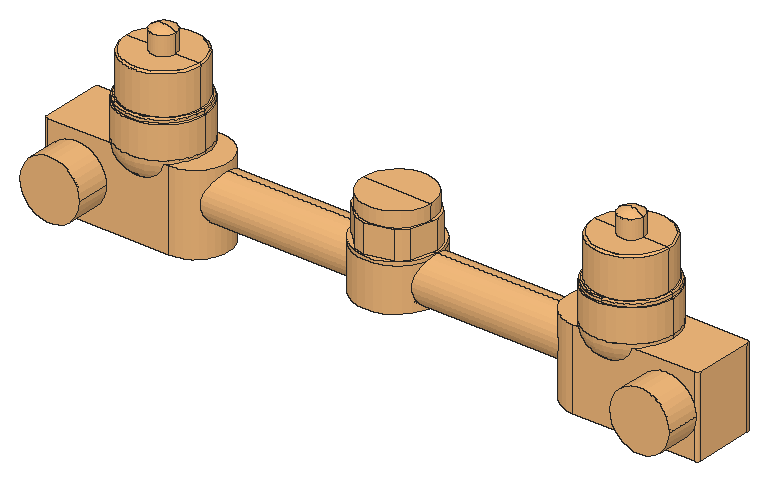
Revit family "Faucet-Valves_and_Controls-KOHLER-K-28139T_1", category Plumbing Fixtures, host Face, Revit 2017
Family settings
  Host = Face
  Round Connector Dimension = Use Diameter
  Part Type = Normal
  OmniClass Number = 23.27.31.00
  OmniClass Title = Valves
  Cut with Voids When Loaded = No
  Shared = No
  Room Calculation Point = No
Parameters (values of type "NA-Brass")
  Width = 11"  # constant formula
  WaterSense Certified = 1 = 0  # no
  Waste Water Outlet = "Waste Water Outlet"  # constant formula
  Waste Connection = 1 = 0  # no
  Vent Connection = 1 = 0  # no
  URL = "http://www.kohler.com.cn/en/"
  Type = 1
  Product Page URL = "http://www.kohler.com.cn/product/K-28139T-NA/K-28139T-NA/"
  Product Name = ""
  Product Documentation Link = "http://files.kohler.com.cn/pdfs/1535615820633_1299768-2_A1(28139T%2024896T).pdf"
  Pressure = 116.03 psi  # constant formula
  Model = if(Type = 1, "K-28139T-NA", "K-28139T-DR-NA")  # "K-28139T-NA"
  Material = "Brass Construction"  # constant formula
  MasterFormat 2004 = "22.41.39"  # constant formula
  MasterFormat 1995 = "154300"  # constant formula
  Manufacturer Address = "158 Jiangchang 3rd Road Zhabei District Shanghai, 200436 China"  # constant formula
  Manufacturer = "KOHLER Co."  # constant formula
  Length = 3 1/16"  # constant formula
  Hot Water Inlet = "Hot Water Inlet"  # constant formula
  Height = 2 1/16"  # constant formula
  HW Connection = 1 = 1  # yes
  Flow Rate = 0 GPM
  Finish = Kohler-Metal-Brass
  Environmental Product Declaration = ""
  Drain Included = 1 = 0  # no
  Description = if(Type = 1, "Double-handle wall lavatory faucet spool stem handle spool", "W/M DUAL HANDLE LAV FCT VALVE")  # "Double-handle wall lavatory faucet spool stem handle spool"
  Default Elevation = 36"
  Declare Label = ""
  Date Modified = "05/26/2020"  # constant formula
  Date Created = "05/26/2020"  # constant formula
  Copyright = "Copyright KOHLER Co."  # constant formula
  Contact Us = "http://www.kohler.com.cn/en/contact/contact-us/"
  Cold Water Inlet = "Cold Water Inlet"  # constant formula
  CW Connection = 1 = 1  # yes
  Assembly Code = "D2020"
  ADA Compliant = 1 = 0  # no
Types (3): name | Type | Product Page URL | Product Documentation Link | Model | Description
  (no name) | 1 | "http://www.kohler.com.cn/product/K-28139T-NA/K-28139T-NA/" | "http://files.kohler.com.cn/pdfs/1535615820633_1299768-2_A1(28139T%2024896T).pdf" | "K-28139T-NA" | "Double-handle wall lavatory faucet spool stem handle spool"
  NA-Brass | 1 | "http://www.kohler.com.cn/product/K-28139T-NA/K-28139T-NA/" | "http://files.kohler.com.cn/pdfs/1535615820633_1299768-2_A1(28139T%2024896T).pdf" | "K-28139T-NA" | "Double-handle wall lavatory faucet spool stem handle spool"
  DR, NA-Brass | 2 | "" | "" | "K-28139T-DR-NA" | "W/M DUAL HANDLE LAV FCT VALVE"
Reference planes (in)
  plane 1 "Center (Front/Back)": y = 0
  plane 2: z = 0
  plane 3 "Center (Left/Right)": x = 0
  plane 4: y = 0.98425
  plane 5: y = -1.07825
  plane 6: z = 0.37276
  plane 7: z = -2.68974
  plane 8: x = -5.5
  plane 9: x = 5.5
  plane 10: x = 3.93701
  plane 11: x = -3.93701
  plane 12: z = -0.01258
  plane 13: z = -2.01594
  plane 14: y = -1.07825
  plane 15: x = -4.96063
  plane 16: x = 4.96063
Forms (in)
  Extrusion 1, void
    sketch origin (0, 0, 0) x (1, 0, 0) y (0, 1, 0)
      loop
        circle (3.93701, 0) r 0.75
      loop
        circle (-3.93701, 0) r 0.75
    from -1.35116 to -0.01258
  Extrusion 2, void
    sketch origin (0, 0, 0) x (1, 0, 0) y (0, 0, 1)
      loop
        line (5.5, -1.09549) -> (-5.5, -1.09549) -> (-5.5, -2.68974) -> (5.5, -2.68974) -> (5.5, -1.09549)
    from -0.95798 to 1.2582
  Extrusion 3, void
    sketch origin (0, 0, 0) x (1, 0, 0) y (0, 1, 0)
      loop
        circle (0, 0) r 0.57105
    from -1.35116 to -0.76061
Dimensions and locks (in)
  "Width": plane 8 to plane 9
  plane 11 to plane 10 = 7.87402"
  "Length": plane 6 to plane 7
  "Height": plane 4 to plane 14
  aligned and locked: plane 2 to host face
  aligned and locked: level to host face
Automatic sketch dimensions
  host sketch curve to host sketch curve = 96"  (x2)
  plane 8 to Extrusion 2 sketch curve = 0"
  Extrusion 2 sketch curve to plane 7 = 0"
  Extrusion 2 sketch curve to plane 9 = 0"
  plane 13 to Extrusion 2 sketch curve = 0.92044"
Nested families (in)
  nested 1: "K-28139T" at (0, 0, 0), type "K-28139T"
Connectors (in)
  piping at (-4.96063, -1.10236, -2.01594), diameter 0.5, driven by "HW Connection", driven by "Hot Water Inlet", driven by "Pressure", driven by "Flow Rate"
    settings: on nested 1, index 1, connector inside diameter 24", connector length 0", flow factor 0, pipe flow 0 GPM, pressure drop 116.03 psi, fitting loss kfactor 0, connector angle 0.00°, fixture units 0, engagement length 0", angle of deflection 0.00°, flow configuration 0, flow direction 1, fitting loss method 4, system type 19, joint type 0, gender type 0, connector reference index -1, connector utility 1, adjustable connector no, is connector primary yes, connector description "Hot Water Inlet"
  piping at (4.96063, -1.10236, -2.01594), diameter 0.5, driven by "CW Connection", driven by "Cold Water Inlet", driven by "Pressure"
    settings: on nested 1, index 2, connector inside diameter 24", connector length 0", flow factor 0, pipe flow 0 GPM, pressure drop 116.03 psi, fitting loss kfactor 0, connector angle 0.00°, fixture units 0, engagement length 0", angle of deflection 0.00°, flow configuration 0, flow direction 1, fitting loss method 4, system type 20, joint type 0, gender type 0, connector reference index -1, connector utility 1, adjustable connector no, is connector primary no, connector description "Cold Water Inlet"
Definition of nested family "K-28139T"
  Parameters (values of type "K-28139T")
    Material = none
  Reference planes (in)
    plane 1 "Center (Front/Back)": y = 0
    plane 2: z = 0
    plane 3 "Center (Left/Right)": x = 0
    plane 4: x = -5.5
    plane 5: x = 5.5
    plane 6: x = -3.93701
    plane 7: x = 3.93701
    plane 8: z = -2.68974
    plane 9: z = 0.37276
    plane 10: z = -0.01258
    plane 11: z = -0.01258
    plane 12: z = 0.23742
    plane 13: x = -4.96063
    plane 14: x = 4.96063
  Forms (in)
    Extrusion 1, solid, material <- "Material", detail levels medium+fine
      sketch origin (0, 0, 0) x (1, 0, 0) y (0, 1, 0)
        loop
          line (-5.5, 0.48286) -> (-5.5, -0.4936)
          arc (-5.5, -0.4936) -> (-5.48314, -0.53432) -> (-5.44242, -0.55118) r 0.05758
          line (-5.44242, -0.55118) -> (-3.39892, -0.55118)
          arc (-3.39892, -0.55118) -> (-2.84774, 0) -> (-3.39892, 0.55118) r 0.55118
          line (-3.39892, 0.55118) -> (-5.43168, 0.55118)
          arc (-5.43168, 0.55118) -> (-5.47999, 0.53117) -> (-5.5, 0.48286) r 0.06832
        loop
          arc (5.5, 0.48286) -> (5.47999, 0.53117) -> (5.43168, 0.55118) r 0.06832
          line (5.43168, 0.55118) -> (3.39892, 0.55118)
          arc (3.39892, 0.55118) -> (2.84774, 0) -> (3.39892, -0.55118) r 0.55118
          line (3.39892, -0.55118) -> (5.44242, -0.55118)
          arc (5.44242, -0.55118) -> (5.48314, -0.53432) -> (5.5, -0.4936) r 0.05758
          line (5.5, -0.4936) -> (5.5, 0.48286)
      from -2.68974 to -1.35116
    Revolve 2, solid, material <- "Material", detail levels medium+fine
      sketch origin (0, 0, 0) x (1, 0, 0) y (0, 0, 1)
        loop
          arc (-3.93701, 0.37276) -> (-4.04692, 0.35211) -> (-4.14184, 0.29297) r 0.30282
          line (-4.14184, 0.29297) -> (-4.14184, -0.01258) -> (-4.54331, -0.01258) -> (-4.57247, -0.04174) -> (-4.57247, -0.68187) -> (-4.60717, -0.68187)
          arc (-4.60717, -0.68187) -> (-4.62182, -0.68794) -> (-4.62789, -0.70259) r 0.02072
          line (-4.62789, -0.70259) -> (-4.62789, -0.74787) -> (-4.59288, -0.76061) -> (-4.64567, -0.76061) -> (-4.64567, -1.3035)
          arc (-4.64567, -1.3035) -> (-4.60761, -1.49484) -> (-4.49922, -1.65706) r 0.5
          line (-4.49922, -1.65706) -> (-4.31833, -1.83795) -> (-3.93701, -1.83795) -> (-3.93701, 0.37276)
        axis (-3.93701, 0.37276) -> (-3.93701, -1.83795)
      angle from 0 to 360
    Revolve 3, solid, material <- "Material", detail levels medium+fine
      sketch origin (0, 0, 0) x (1, 0, 0) y (0, 0, 1)
        loop
          line (3.38583, -1.86297) -> (3.38583, -1.46818) -> (-3.38583, -1.46818) -> (-3.38583, -1.86297) -> (3.38583, -1.86297)
        axis (-3.38583, -1.86297) -> (3.38583, -1.86297)
      angle from 0 to 360
    Extrusion 4, solid, material <- "Material", detail levels medium+fine
      sketch origin (0, 0, 0) x (1, 0, 0) y (0, 0, 1)
        loop
          circle (4.96063, -2.01594) r 0.5
        loop
          circle (-4.96063, -2.01594) r 0.5
      from 0 to 1.10236
    Extrusion 5, solid, material <- "Material", detail levels medium+fine
      sketch origin (0, 0, 0) x (1, 0, 0) y (0, 1, 0)
        loop
          line (-3.82061, 0.98425) -> (-4.04033, 0.98425)
          arc (-4.04033, 0.98425) -> (-4.10647, 0.95686) -> (-4.13386, 0.89073) r 0.09352
          line (-4.13386, 0.89073) -> (-4.13386, 0.40196) -> (-3.74016, 0.40196) -> (-3.74016, 0.9038)
          arc (-3.74016, 0.9038) -> (-3.76372, 0.96069) -> (-3.82061, 0.98425) r 0.08045
      from -2.68974 to -2.45352
    Extrusion 6, solid, material <- "Material", detail levels medium+fine
      sketch origin (0, 0, 0) x (-1, 0, 0) y (0, -1, 0)
        loop
          arc (-3.82061, -0.98425) -> (-3.76372, -0.96069) -> (-3.74016, -0.9038) r 0.08045
          line (-3.74016, -0.9038) -> (-3.74016, -0.40196) -> (-4.13386, -0.40196) -> (-4.13386, -0.89073)
          arc (-4.13386, -0.89073) -> (-4.10647, -0.95686) -> (-4.04033, -0.98425) r 0.09352
          line (-4.04033, -0.98425) -> (-3.82061, -0.98425)
      from -2.68974 to -2.45352
    Revolve 7, solid, material <- "Material", detail levels medium+fine
      sketch origin (0, 0, 0) x (1, 0, 0) y (0, 0, 1)
        loop
          line (0, -0.76061) -> (-0.57105, -0.76061) -> (-0.57105, -1.00566) -> (-0.6717, -1.00566) -> (-0.6717, -1.52342) -> (-0.6717, -2.25667) -> (0, -2.25667) -> (0, -0.76061)
        axis (0, -0.76061) -> (0, -2.25667)
      angle from 0 to 360
    Extrusion 8, void
      sketch origin (0, 0, 0) x (1, 0, 0) y (0, 1, 0)
        loop
          arc (-0.36458, 0.51369) -> (-0.44569, 0.44569) -> (-0.51369, 0.36458) r 0.60478
          line (-0.51369, 0.36458) -> (-0.62716, -0.05889)
          arc (-0.62716, -0.05889) -> (-0.60807, -0.16293) -> (-0.57258, -0.26258) r 0.65927
          line (-0.57258, -0.26258) -> (-0.26258, -0.57258)
          arc (-0.26258, -0.57258) -> (-0.16294, -0.60812) -> (-0.05889, -0.62716) r 0.65565
          line (-0.05889, -0.62716) -> (0.36458, -0.51369)
          arc (0.36458, -0.51369) -> (0.44555, -0.44555) -> (0.51369, -0.36458) r 0.61729
          line (0.51369, -0.36458) -> (0.62716, 0.05889)
          arc (0.62716, 0.05889) -> (0.60911, 0.16321) -> (0.57258, 0.26258) r 0.58615
          line (0.57258, 0.26258) -> (0.26258, 0.57258)
          arc (0.26258, 0.57258) -> (0.16331, 0.60948) -> (0.05889, 0.62716) r 0.56389
          line (0.05889, 0.62716) -> (-0.36458, 0.51369)
        loop
          circle (0, 0) r 1.06625
      from -0.9688 to -1.46927
    Revolve 9, solid, material <- "Material", detail levels medium+fine
      sketch origin (0, 0, 0) x (-1, 0, 0) y (0, 0, -1)
        loop
          line (-3.93701, -0.37276) -> (-3.93701, 1.83795) -> (-4.31833, 1.83795) -> (-4.49922, 1.65706)
          arc (-4.49922, 1.65706) -> (-4.60761, 1.49484) -> (-4.64567, 1.3035) r 0.5
          line (-4.64567, 1.3035) -> (-4.64567, 0.76061) -> (-4.59288, 0.76061) -> (-4.62789, 0.74787) -> (-4.62789, 0.70259)
          arc (-4.62789, 0.70259) -> (-4.62182, 0.68794) -> (-4.60717, 0.68187) r 0.02072
          line (-4.60717, 0.68187) -> (-4.57247, 0.68187) -> (-4.57247, 0.04174) -> (-4.54331, 0.01258) -> (-4.14184, 0.01258) -> (-4.14184, -0.29297)
          arc (-4.14184, -0.29297) -> (-4.04692, -0.35211) -> (-3.93701, -0.37276) r 0.30282
        axis (-3.93701, -0.37276) -> (-3.93701, 1.83795)
      angle from 0 to 360
    Extrusion 10, solid, material <- "Material", detail levels coarse
      sketch origin (0, 0, 0) x (1, 0, 0) y (0, 1, 0)
        loop
          line (-5.5, 0.55118) -> (-5.5, -0.55118) -> (-2.86918, -0.55118) -> (-2.86918, 0.55118) -> (-5.5, 0.55118)
        loop
          line (5.5, 0.55118) -> (2.86918, 0.55118) -> (2.86918, -0.55118) -> (5.5, -0.55118) -> (5.5, 0.55118)
      from -2.68974 to -1.24327
    Revolve 11, solid, material <- "Material", detail levels coarse
      sketch origin (0, 0, 0) x (1, 0, 0) y (0, 0, 1)
        loop
          line (-3.03804, -1.85829) -> (3.24613, -1.85829) -> (3.24613, -1.35116) -> (-3.03804, -1.35116) -> (-3.03804, -1.85829)
        axis (-3.03804, -1.85829) -> (3.24613, -1.85829)
      angle from 0 to 360
    Revolve 12, solid, material <- "Material", detail levels coarse
      sketch origin (0, 0, 0) x (1, 0, 0) y (0, 0, 1)
        loop
          line (-3.93701, 0.37276) -> (-4.14184, 0.37276) -> (-4.14184, -0.01258) -> (-4.68701, -0.01258) -> (-4.68701, -1.24327) -> (-3.93701, -1.24327) -> (-3.93701, 0.37276)
        axis (-3.93701, -1.24327) -> (-3.93701, 0.37276)
      angle from 0 to 360
    Revolve 13, solid, material <- "Material", detail levels coarse
      sketch origin (0, 0, 0) x (-1, 0, 0) y (0, 0, 1)
        loop
          line (-3.93701, 0.37276) -> (-4.14184, 0.37276) -> (-4.14184, -0.01258) -> (-4.68701, -0.01258) -> (-4.68701, -1.24327) -> (-3.93701, -1.24327) -> (-3.93701, 0.37276)
        axis (-3.93701, -1.24327) -> (-3.93701, 0.37276)
      angle from 0 to 360
    Extrusion 14, solid, material <- "Material", detail levels coarse
      sketch origin (0, 0, 0) x (1, 0, 0) y (0, 1, 0)
        loop
          circle (0, 0) r 0.57105
      from -2.32529 to -0.76061
    Extrusion 15, solid, material <- "Material", detail levels coarse
      sketch origin (0, 0, 0) x (1, 0, 0) y (0, 0, 1)
        loop
          circle (-4.96063, -2.01594) r 0.5
        loop
          circle (4.96063, -2.01594) r 0.5
      from 0 to 1.10236
    Extrusion 16, solid, detail levels medium+fine
      sketch origin (0, 0, 0) x (1, 0, 0) y (0, 0, 1)
        loop
          circle (-2.70729, -1.86297) r 0.09019
      from -0.39689 to -0.52271
  Cuts and joins
    Extrusion 8 cuts Revolve 7
    joined: Extrusion 1, Revolve 2, Revolve 3, Extrusion 4, Extrusion 5, Revolve 9
  Lines and regions (in)
    Masking region 1, detail levels medium+fine
      outline origin (0, 0, 0) x (1, 0, 0) y (0, 0, 1)
        loop
          line (-4.54331, -0.01258) -> (-4.57247, -0.04174) -> (-4.57247, -0.68215) -> (-4.60752, -0.68215)
          arc (-4.60752, -0.68215) -> (-4.62192, -0.68812) -> (-4.62789, -0.70252) r 0.02037
          line (-4.62789, -0.70252) -> (-4.62789, -0.74787) -> (-4.59288, -0.76061) -> (-4.64567, -0.76061) -> (-4.64567, -1.35116) -> (-5.5, -1.35116) -> (-5.5, -2.68974) -> (-2.84774, -2.68974) -> (-2.84774, -2.25776) -> (2.84774, -2.25776) -> (2.84774, -2.68974) -> (5.5, -2.68974) -> (5.5, -1.35116) -> (4.64567, -1.35116) -> (4.64567, -0.76061) -> (4.59288, -0.76061) -> (4.62789, -0.74787) -> (4.62789, -0.70252)
          arc (4.62789, -0.70252) -> (4.62192, -0.68812) -> (4.60752, -0.68215) r 0.02037
          line (4.60752, -0.68215) -> (4.57247, -0.68215) -> (4.57247, -0.04174) -> (4.54331, -0.01258) -> (4.14184, -0.01258) -> (4.14184, 0.29297)
          arc (4.14184, 0.29297) -> (3.93701, 0.37276) -> (3.73217, 0.29297) r 0.30282
          line (3.73217, 0.29297) -> (3.73217, -0.01258) -> (3.33071, -0.01258) -> (3.30155, -0.04174) -> (3.30155, -0.68215) -> (3.2665, -0.68215)
          arc (3.2665, -0.68215) -> (3.25209, -0.68812) -> (3.24613, -0.70252) r 0.02037
          line (3.24613, -0.70252) -> (3.24613, -0.74787) -> (3.28113, -0.76061) -> (3.22835, -0.76061) -> (3.22835, -1.35116) -> (2.84774, -1.35116) -> (2.84774, -1.46818) -> (0.62716, -1.46818) -> (0.62716, -1.00566) -> (0.57105, -1.00566) -> (0.57105, -0.76061) -> (-0.57105, -0.76061) -> (-0.57105, -1.00566) -> (-0.62716, -1.00566) -> (-0.62716, -1.46818) -> (-2.84774, -1.46818) -> (-2.84774, -1.35116) -> (-3.22835, -1.35116) -> (-3.22835, -0.76061) -> (-3.28113, -0.76061) -> (-3.24613, -0.74787) -> (-3.24613, -0.70252)
          arc (-3.24613, -0.70252) -> (-3.25209, -0.68812) -> (-3.2665, -0.68215) r 0.02037
          line (-3.2665, -0.68215) -> (-3.30155, -0.68215) -> (-3.30155, -0.04174) -> (-3.33071, -0.01258) -> (-3.73217, -0.01258) -> (-3.73217, 0.29297)
          arc (-3.73217, 0.29297) -> (-3.93701, 0.37276) -> (-4.14184, 0.29297) r 0.30282
          line (-4.14184, 0.29297) -> (-4.14184, -0.01258) -> (-4.54331, -0.01258)
    Masking region 2
      outline origin (0, 0, 0) x (0, 1, 0) y (0, 0, 1)
        loop
          line (0.20484, -0.01258) -> (0.20484, 0.29297)
          arc (0.20484, 0.29297) -> (0, 0.37276) -> (-0.20484, 0.29297) r 0.30282
          line (-0.20484, 0.29297) -> (-0.20484, -0.01258) -> (-0.6063, -0.01258) -> (-0.63546, -0.04174) -> (-0.63546, -0.68187) -> (-0.66889, -0.68187)
          arc (-0.66889, -0.68187) -> (-0.68444, -0.68831) -> (-0.69088, -0.70386) r 0.02199
          line (-0.69088, -0.70386) -> (-0.69088, -0.74787) -> (-0.65588, -0.76061) -> (-0.70866, -0.76061) -> (-0.70866, -1.35847)
          arc (-0.70866, -1.35847) -> (-0.70253, -1.41518) -> (-0.6844, -1.46927) r 0.26514
          line (-0.6844, -1.46927) -> (-1.10236, -1.46927) -> (-1.10236, -2.5626) -> (-0.55118, -2.5626) -> (-0.55118, -2.68974) -> (0.98425, -2.68974) -> (0.98425, -2.45352) -> (0.55118, -2.45352) -> (0.55118, -2.25667) -> (0.6717, -2.25667) -> (0.6717, -1.4935)
          arc (0.6717, -1.4935) -> (0.69925, -1.42847) -> (0.70866, -1.35847) r 0.26514
          line (0.70866, -1.35847) -> (0.70866, -0.76061) -> (0.65588, -0.76061) -> (0.69088, -0.74787) -> (0.69088, -0.70386)
          arc (0.69088, -0.70386) -> (0.68444, -0.68831) -> (0.66889, -0.68187) r 0.02199
          line (0.66889, -0.68187) -> (0.63546, -0.68187) -> (0.63546, -0.04174) -> (0.6063, -0.01258) -> (0.20484, -0.01258)
    Masking region 3
      outline origin (0, 0, 0) x (1, 0, 0) y (0, 1, 0)
        loop
          circle (-3.93701, 0) r 0.20066
        loop
          circle (3.93701, 0) r 0.20066
    symbolic lines, detail levels medium+fine
      curve 1: line (-4.14184, 0, -0.01258) -> (-3.73217, 0, -0.01258)
      curve 2: line (-3.30155, 0, -0.04174) -> (-4.57247, 0, -0.04174)
      curve 3: line (-4.57247, 0, -0.68215) -> (-3.30155, 0, -0.68215)
      curve 4: line (-4.62789, 0, -0.74787) -> (-3.24613, 0, -0.74787)
      curve 5: line (-4.59288, 0, -0.76061) -> (-3.27726, 0, -0.76061)
      curve 6: line (4.14184, 0, -0.01258) -> (3.73217, 0, -0.01258)
      curve 7: line (3.30155, 0, -0.04174) -> (4.57247, 0, -0.04174)
      curve 8: line (4.57247, 0, -0.68215) -> (3.30155, 0, -0.68215)
      curve 9: line (4.62789, 0, -0.74787) -> (3.24613, 0, -0.74787)
      curve 10: line (4.59288, 0, -0.76061) -> (3.27726, 0, -0.76061)
      curve 11: arc (-4.06732, 0, -1.65278) -> (-4.26958, 0, -1.5496) -> (-4.37992, 0, -1.35116) r 0.38946
      curve 12: arc (-3.80669, 0, -1.65278) -> (-3.93701, 0, -1.66809) -> (-4.06732, 0, -1.65278) r 0.56221
      curve 13: arc (-3.4941, 0, -1.35116) -> (-3.60444, 0, -1.5496) -> (-3.80669, 0, -1.65278) r 0.38946
      curve 14: line (-2.84774, 0, -1.46818) -> (-2.84774, 0, -2.25776)
      curve 15: arc (3.80669, 0, -1.65278) -> (3.60444, 0, -1.5496) -> (3.4941, 0, -1.35116) r 0.38946
      curve 16: arc (4.37992, 0, -1.35116) -> (4.26958, 0, -1.5496) -> (4.06732, 0, -1.65278) r 0.38946
      curve 17: arc (4.06732, 0, -1.65278) -> (3.93701, 0, -1.66809) -> (3.80669, 0, -1.65278) r 0.56221
      curve 18: line (4.64339, 0, -1.35116) -> (4.37992, 0, -1.35116)
      curve 19: line (3.23062, 0, -1.35116) -> (3.4941, 0, -1.35116)
      curve 20: line (-4.64339, 0, -1.35116) -> (-4.37992, 0, -1.35116)
      curve 21: line (-3.23062, 0, -1.35116) -> (-3.4941, 0, -1.35116)
      curve 22: line (-0.57258, 0, -1.00566) -> (0.57105, 0, -1.00566)
      curve 23: line (-0.05889, 0, -1.06733) -> (-0.05889, 0, -1.46818)
      curve 24: line (-0.26258, 0, -1.06733) -> (-0.26258, 0, -1.46818)
      curve 25: line (-0.57258, 0, -1.06733) -> (-0.57258, 0, -1.46818)
      curve 26: line (0.36458, 0, -1.06733) -> (0.36458, 0, -1.46818)
      curve 27: line (0.51369, 0, -1.06544) -> (0.51369, 0, -1.46818)
      curve 28: arc (-0.57258, 0, -1.06733) -> (-0.41758, 0, -1.01106) -> (-0.26258, 0, -1.06733) r 0.24161
      curve 29: arc (-0.05889, 0, -1.06733) -> (0.15285, 0, -1.00558) -> (0.36458, 0, -1.06733) r 0.39386
      curve 30: line (-0.62716, 0, -1.46818) -> (0.62716, 0, -1.46818)
      curve 31: arc (0.62716, 0, -1.06544) -> (0.57043, 0, -1.00871) -> (0.51369, 0, -1.06544) r 0.05673
      curve 32: arc (-0.62716, 0, -1.46818) -> (-0.77342, 0, -1.86243) -> (-0.62716, 0, -2.25667) r 0.6045
      curve 33: arc (0.62716, 0, -1.46818) -> (0.77342, 0, -1.86243) -> (0.62716, 0, -2.25667) r 0.6045
      curve 34: arc (4.40615, 0, -2.01594) -> (4.95282, 0, -1.46927) -> (5.49948, 0, -2.01594) r 0.54666
      curve 35: arc (5.49948, 0, -2.01594) -> (4.95282, 0, -2.5626) -> (4.40615, 0, -2.01594) r 0.54666
      curve 36: line (0, 0.55118, -1.35116) -> (0, -0.55118, -1.35116)
      curve 37: line (0, 0.55118, -1.35116) -> (0, 0.55118, -2.68974)
      curve 38: line (0, 0.65588, -0.76061) -> (0, -0.65588, -0.76061)
      curve 39: line (0, -0.69088, -0.74787) -> (0, 0.69088, -0.74787)
      curve 40: line (0, 0.63546, -0.68187) -> (0, -0.63546, -0.68187)
      curve 41: line (0, 0.63546, -0.04174) -> (0, -0.63546, -0.04174)
      curve 42: line (0, 0.20484, -0.01258) -> (0, -0.20484, -0.01258)
      curve 43: arc (0, 0.6717, -1.4935) -> (0, 0.61905, -1.58088) -> (0, 0.55118, -1.65706) r 0.55093
      curve 44: line (0, -0.55118, -1.35116) -> (0, -0.55118, -2.27424)
      curve 45: line (0, -0.55118, -2.5626) -> (0, -0.55118, -2.27424)
      curve 46: arc (0, -0.6844, -1.46927) -> (0, -0.62968, -1.57159) -> (0, -0.55118, -1.65706) r 0.462
      curve 47: line (2.84774, 0, -1.46818) -> (2.84774, 0, -2.25776)
      curve 56: arc (-4.40615, 0, -2.01594) -> (-4.95282, 0, -1.46927) -> (-5.49948, 0, -2.01594) r 0.54666
      curve 57: arc (-5.49948, 0, -2.01594) -> (-4.95282, 0, -2.5626) -> (-4.40615, 0, -2.01594) r 0.54666
      curve 58: line (4.13386, 0, -2.68974) -> (4.13386, 0, -2.45352)
      curve 59: line (4.13386, 0, -2.45352) -> (3.74016, 0, -2.45352)
      curve 60: line (3.74016, 0, -2.45352) -> (3.74016, 0, -2.68974)
      curve 61: line (-3.74016, 0, -2.68974) -> (-3.74016, 0, -2.45352)
      curve 62: line (-3.74016, 0, -2.45352) -> (-4.13386, 0, -2.45352)
      curve 63: line (-4.13386, 0, -2.45352) -> (-4.13386, 0, -2.68974)
      curve 64: line (0, -0.6717, -2.25667) -> (0, -0.55118, -2.25667)
      curve 65: line (0, -0.6717, -2.25667) -> (0, -0.6717, -1.49927)
      curve 66: arc (-2.6171, 0, -1.86297) -> (-2.70729, 0, -1.77278) -> (-2.79748, 0, -1.86297) r 0.09019
      curve 67: arc (-2.79748, 0, -1.86297) -> (-2.70729, 0, -1.95316) -> (-2.6171, 0, -1.86297) r 0.09019
    symbolic lines, detail levels coarse
      curve 48: line (-0.79287, 0, -0.87367) -> (-0.79287, 0, -1.46818)
      curve 49: line (0.79287, 0, -0.87367) -> (0.79287, 0, -1.46818)
      curve 50: line (-0.79287, 0, -0.87367) -> (0.79287, 0, -1.46818)
      curve 51: line (0.79287, 0, -0.87367) -> (-0.79287, 0, -1.46818)
      curve 52: line (0, 0, -1.17092) -> (0, 0, -1.72275)
      curve 53: line (0, 0, -1.72275) -> (-0.29538, 0, -1.72275)
      curve 54: line (0, 0, -1.72275) -> (0.29538, 0, -1.72275)
      curve 55: arc (-0.29538, 0, -1.72275) -> (0, 0, -1.91653) -> (0.29538, 0, -1.72275) r 0.32202
  Dimensions and locks (in)
    plane 3 "Center (Left/Right)" to plane 4 = 5 1/2"
    plane 3 "Center (Left/Right)" to plane 6 = 3.93701"
    plane 9 to plane 8 = 3 1/16"
    plane 10 to plane 8 = 2.67717"
    aligned and locked: plane 2 to level
